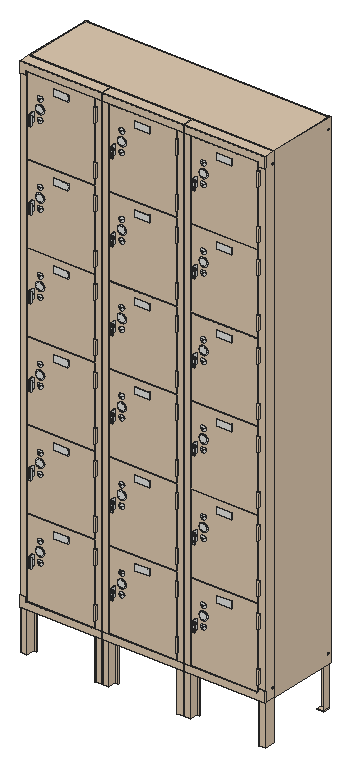
Revit family "Metal_Vented_Lockers-Salsbury_Industries-75000_76000_Series-3_Wide_Units", category Specialty Equipment, Revit 2022 (continued)
Definition of nested family "Metal Locker Sloping Hood"
  Automatic sketch dimensions
    curve 2 to plane 9 "Back of Panel" = 0.000"
    plane 11 to curve 2 = 0.000"
    curve 2 to plane 11 = 0.000"
    curve 2 to level = 0.0069"
Definition of nested family "Vents"
  Parameters (values of type "6 foot high vents")
    Vent Count for 6' high Lockers = 36
    Default Elevation = 0.000"
  Types (3): name | Vent Count for 6' high Lockers
    (no name) | 36
    6 foot high vents | 36
    5 foot high vents | 29
  Reference planes (in)
    plane 1 "Center (Front/Back)": y = 0
    plane 2: z = 0
    plane 3 "Center (Left/Right)": x = 0
  Lines and regions (in)
    model lines
      curve 1: spline (-0.12218, 0, 66.35929) -> (-0.10447, 0, 66.33016) -> (-0.08514, 0, 66.30573) -> (-0.06447, 0, 66.28637) -> (-0.04279, 0, 66.27239) -> (-0.02043, 0, 66.26399) -> (0.00227, 0, 66.26132) -> (0.02496, 0, 66.2644) -> (0.04728, 0, 66.27319) -> (0.0689, 0, 66.28755) -> (0.08949, 0, 66.30727) -> (0.10872, 0, 66.33205) -> (0.1263, 0, 66.36149)
      curve 2: line (-0.12218, 0, 66.35929) -> (-0.3738, 0, 67.01138)
      curve 3: line (0.1263, 0, 66.36149) -> (0.37669, 0, 67.01065)
      curve 4: spline (-0.12232, 0, 67.66311) -> (-0.1046, 0, 67.6924) -> (-0.08525, 0, 67.71698) -> (-0.06455, 0, 67.73644) -> (-0.04284, 0, 67.7505) -> (-0.02044, 0, 67.75894) -> (0.00229, 0, 67.76163) -> (0.02501, 0, 67.75853) -> (0.04737, 0, 67.74968) -> (0.06902, 0, 67.73522) -> (0.08963, 0, 67.71538) -> (0.10888, 0, 67.69045) -> (0.12647, 0, 67.66083)
      curve 5: line (-0.12232, 0, 67.66311) -> (-0.3738, 0, 67.01138)
      curve 6: line (0.12647, 0, 67.66083) -> (0.37669, 0, 67.01065)
      curve 7: spline (-0.12218, 0, 64.62229) -> (-0.10447, 0, 64.59316) -> (-0.08514, 0, 64.56873) -> (-0.06447, 0, 64.54937) -> (-0.04279, 0, 64.53539) -> (-0.02043, 0, 64.52699) -> (0.00227, 0, 64.52432) -> (0.02496, 0, 64.5274) -> (0.04728, 0, 64.53619) -> (0.0689, 0, 64.55055) -> (0.08949, 0, 64.57027) -> (0.10872, 0, 64.59505) -> (0.1263, 0, 64.62449)
      curve 8: line (-0.12218, 0, 64.62229) -> (-0.3738, 0, 65.27438)
      curve 9: line (0.1263, 0, 64.62449) -> (0.37669, 0, 65.27365)
      curve 10: spline (-0.12232, 0, 65.92611) -> (-0.1046, 0, 65.9554) -> (-0.08525, 0, 65.97998) -> (-0.06455, 0, 65.99944) -> (-0.04284, 0, 66.0135) -> (-0.02044, 0, 66.02194) -> (0.00229, 0, 66.02463) -> (0.02501, 0, 66.02153) -> (0.04737, 0, 66.01268) -> (0.06902, 0, 65.99822) -> (0.08963, 0, 65.97838) -> (0.10888, 0, 65.95345) -> (0.12647, 0, 65.92383)
      curve 11: line (-0.12232, 0, 65.92611) -> (-0.3738, 0, 65.27438)
      curve 12: line (0.12647, 0, 65.92383) -> (0.37669, 0, 65.27365)
      curve 13: spline (-0.12218, 0, 62.88529) -> (-0.10447, 0, 62.85616) -> (-0.08514, 0, 62.83173) -> (-0.06447, 0, 62.81237) -> (-0.04279, 0, 62.79839) -> (-0.02043, 0, 62.78999) -> (0.00227, 0, 62.78732) -> (0.02496, 0, 62.7904) -> (0.04728, 0, 62.79919) -> (0.0689, 0, 62.81355) -> (0.08949, 0, 62.83327) -> (0.10872, 0, 62.85805) -> (0.1263, 0, 62.88749)
      curve 14: line (-0.12218, 0, 62.88529) -> (-0.3738, 0, 63.53738)
      curve 15: line (0.1263, 0, 62.88749) -> (0.37669, 0, 63.53665)
      curve 16: spline (-0.12232, 0, 64.18911) -> (-0.1046, 0, 64.2184) -> (-0.08525, 0, 64.24298) -> (-0.06455, 0, 64.26244) -> (-0.04284, 0, 64.2765) -> (-0.02044, 0, 64.28494) -> (0.00229, 0, 64.28763) -> (0.02501, 0, 64.28453) -> (0.04737, 0, 64.27568) -> (0.06902, 0, 64.26122) -> (0.08963, 0, 64.24138) -> (0.10888, 0, 64.21645) -> (0.12647, 0, 64.18683)
      curve 17: line (-0.12232, 0, 64.18911) -> (-0.3738, 0, 63.53738)
      curve 18: line (0.12647, 0, 64.18683) -> (0.37669, 0, 63.53665)
      curve 19: spline (-0.12218, 0, 61.14829) -> (-0.10447, 0, 61.11916) -> (-0.08514, 0, 61.09473) -> (-0.06447, 0, 61.07537) -> (-0.04279, 0, 61.06139) -> (-0.02043, 0, 61.05299) -> (0.00227, 0, 61.05032) -> (0.02496, 0, 61.0534) -> (0.04728, 0, 61.06219) -> (0.0689, 0, 61.07655) -> (0.08949, 0, 61.09627) -> (0.10872, 0, 61.12105) -> (0.1263, 0, 61.15049)
      curve 20: line (-0.12218, 0, 61.14829) -> (-0.3738, 0, 61.80038)
      curve 21: line (0.1263, 0, 61.15049) -> (0.37669, 0, 61.79965)
      curve 22: spline (-0.12232, 0, 62.45211) -> (-0.1046, 0, 62.4814) -> (-0.08525, 0, 62.50598) -> (-0.06455, 0, 62.52544) -> (-0.04284, 0, 62.5395) -> (-0.02044, 0, 62.54794) -> (0.00229, 0, 62.55063) -> (0.02501, 0, 62.54753) -> (0.04737, 0, 62.53868) -> (0.06902, 0, 62.52422) -> (0.08963, 0, 62.50438) -> (0.10888, 0, 62.47945) -> (0.12647, 0, 62.44983)
      curve 23: line (-0.12232, 0, 62.45211) -> (-0.3738, 0, 61.80038)
      curve 24: line (0.12647, 0, 62.44983) -> (0.37669, 0, 61.79965)
      curve 25: spline (-0.12218, 0, 59.41129) -> (-0.10447, 0, 59.38216) -> (-0.08514, 0, 59.35773) -> (-0.06447, 0, 59.33837) -> (-0.04279, 0, 59.32439) -> (-0.02043, 0, 59.31599) -> (0.00227, 0, 59.31332) -> (0.02496, 0, 59.3164) -> (0.04728, 0, 59.32519) -> (0.0689, 0, 59.33955) -> (0.08949, 0, 59.35927) -> (0.10872, 0, 59.38405) -> (0.1263, 0, 59.41349)
      curve 26: line (-0.12218, 0, 59.41129) -> (-0.3738, 0, 60.06338)
      curve 27: line (0.1263, 0, 59.41349) -> (0.37669, 0, 60.06265)
      curve 28: spline (-0.12232, 0, 60.71511) -> (-0.1046, 0, 60.7444) -> (-0.08525, 0, 60.76898) -> (-0.06455, 0, 60.78844) -> (-0.04284, 0, 60.8025) -> (-0.02044, 0, 60.81094) -> (0.00229, 0, 60.81363) -> (0.02501, 0, 60.81053) -> (0.04737, 0, 60.80168) -> (0.06902, 0, 60.78722) -> (0.08963, 0, 60.76738) -> (0.10888, 0, 60.74245) -> (0.12647, 0, 60.71283)
      curve 29: line (-0.12232, 0, 60.71511) -> (-0.3738, 0, 60.06338)
      curve 30: line (0.12647, 0, 60.71283) -> (0.37669, 0, 60.06265)
      curve 31: spline (-0.12218, 0, 57.67429) -> (-0.10447, 0, 57.64516) -> (-0.08514, 0, 57.62073) -> (-0.06447, 0, 57.60137) -> (-0.04279, 0, 57.58739) -> (-0.02043, 0, 57.57899) -> (0.00227, 0, 57.57632) -> (0.02496, 0, 57.5794) -> (0.04728, 0, 57.58819) -> (0.0689, 0, 57.60255) -> (0.08949, 0, 57.62227) -> (0.10872, 0, 57.64705) -> (0.1263, 0, 57.67649)
      curve 32: line (-0.12218, 0, 57.67429) -> (-0.3738, 0, 58.32638)
      curve 33: line (0.1263, 0, 57.67649) -> (0.37669, 0, 58.32565)
      curve 34: spline (-0.12232, 0, 58.97811) -> (-0.1046, 0, 59.0074) -> (-0.08525, 0, 59.03198) -> (-0.06455, 0, 59.05144) -> (-0.04284, 0, 59.0655) -> (-0.02044, 0, 59.07394) -> (0.00229, 0, 59.07663) -> (0.02501, 0, 59.07353) -> (0.04737, 0, 59.06468) -> (0.06902, 0, 59.05022) -> (0.08963, 0, 59.03038) -> (0.10888, 0, 59.00545) -> (0.12647, 0, 58.97583)
      curve 35: line (-0.12232, 0, 58.97811) -> (-0.3738, 0, 58.32638)
      curve 36: line (0.12647, 0, 58.97583) -> (0.37669, 0, 58.32565)
      curve 37: spline (-0.12218, 0, 55.93729) -> (-0.10447, 0, 55.90816) -> (-0.08514, 0, 55.88373) -> (-0.06447, 0, 55.86437) -> (-0.04279, 0, 55.85039) -> (-0.02043, 0, 55.84199) -> (0.00227, 0, 55.83932) -> (0.02496, 0, 55.8424) -> (0.04728, 0, 55.85119) -> (0.0689, 0, 55.86555) -> (0.08949, 0, 55.88527) -> (0.10872, 0, 55.91005) -> (0.1263, 0, 55.93949)
      curve 38: line (-0.12218, 0, 55.93729) -> (-0.3738, 0, 56.58938)
      curve 39: line (0.1263, 0, 55.93949) -> (0.37669, 0, 56.58865)
      curve 40: spline (-0.12232, 0, 57.24111) -> (-0.1046, 0, 57.2704) -> (-0.08525, 0, 57.29498) -> (-0.06455, 0, 57.31444) -> (-0.04284, 0, 57.3285) -> (-0.02044, 0, 57.33694) -> (0.00229, 0, 57.33963) -> (0.02501, 0, 57.33653) -> (0.04737, 0, 57.32768) -> (0.06902, 0, 57.31322) -> (0.08963, 0, 57.29338) -> (0.10888, 0, 57.26845) -> (0.12647, 0, 57.23883)
      curve 41: line (-0.12232, 0, 57.24111) -> (-0.3738, 0, 56.58938)
      curve 42: line (0.12647, 0, 57.23883) -> (0.37669, 0, 56.58865)
      curve 43: spline (-0.12218, 0, 54.20029) -> (-0.10447, 0, 54.17116) -> (-0.08514, 0, 54.14673) -> (-0.06447, 0, 54.12737) -> (-0.04279, 0, 54.11339) -> (-0.02043, 0, 54.10499) -> (0.00227, 0, 54.10232) -> (0.02496, 0, 54.1054) -> (0.04728, 0, 54.11419) -> (0.0689, 0, 54.12855) -> (0.08949, 0, 54.14827) -> (0.10872, 0, 54.17305) -> (0.1263, 0, 54.20249)
      curve 44: line (-0.12218, 0, 54.20029) -> (-0.3738, 0, 54.85238)
      curve 45: line (0.1263, 0, 54.20249) -> (0.37669, 0, 54.85165)
      curve 46: spline (-0.12232, 0, 55.50411) -> (-0.1046, 0, 55.5334) -> (-0.08525, 0, 55.55798) -> (-0.06455, 0, 55.57744) -> (-0.04284, 0, 55.5915) -> (-0.02044, 0, 55.59994) -> (0.00229, 0, 55.60263) -> (0.02501, 0, 55.59953) -> (0.04737, 0, 55.59068) -> (0.06902, 0, 55.57622) -> (0.08963, 0, 55.55638) -> (0.10888, 0, 55.53145) -> (0.12647, 0, 55.50183)
      curve 47: line (-0.12232, 0, 55.50411) -> (-0.3738, 0, 54.85238)
      curve 48: line (0.12647, 0, 55.50183) -> (0.37669, 0, 54.85165)
      curve 49: spline (-0.12218, 0, 52.46329) -> (-0.10447, 0, 52.43416) -> (-0.08514, 0, 52.40973) -> (-0.06447, 0, 52.39037) -> (-0.04279, 0, 52.37639) -> (-0.02043, 0, 52.36799) -> (0.00227, 0, 52.36532) -> (0.02496, 0, 52.3684) -> (0.04728, 0, 52.37719) -> (0.0689, 0, 52.39155) -> (0.08949, 0, 52.41127) -> (0.10872, 0, 52.43605) -> (0.1263, 0, 52.46549)
      curve 50: line (-0.12218, 0, 52.46329) -> (-0.3738, 0, 53.11538)
      curve 51: line (0.1263, 0, 52.46549) -> (0.37669, 0, 53.11465)
      curve 52: spline (-0.12232, 0, 53.76711) -> (-0.1046, 0, 53.7964) -> (-0.08525, 0, 53.82098) -> (-0.06455, 0, 53.84044) -> (-0.04284, 0, 53.8545) -> (-0.02044, 0, 53.86294) -> (0.00229, 0, 53.86563) -> (0.02501, 0, 53.86253) -> (0.04737, 0, 53.85368) -> (0.06902, 0, 53.83922) -> (0.08963, 0, 53.81938) -> (0.10888, 0, 53.79445) -> (0.12647, 0, 53.76483)
      curve 53: line (-0.12232, 0, 53.76711) -> (-0.3738, 0, 53.11538)
      curve 54: line (0.12647, 0, 53.76483) -> (0.37669, 0, 53.11465)
      curve 55: spline (-0.12218, 0, 50.72629) -> (-0.10447, 0, 50.69716) -> (-0.08514, 0, 50.67273) -> (-0.06447, 0, 50.65337) -> (-0.04279, 0, 50.63939) -> (-0.02043, 0, 50.63099) -> (0.00227, 0, 50.62832) -> (0.02496, 0, 50.6314) -> (0.04728, 0, 50.64019) -> (0.0689, 0, 50.65455) -> (0.08949, 0, 50.67427) -> (0.10872, 0, 50.69905) -> (0.1263, 0, 50.72849)
      curve 56: line (-0.12218, 0, 50.72629) -> (-0.3738, 0, 51.37838)
      curve 57: line (0.1263, 0, 50.72849) -> (0.37669, 0, 51.37765)
      curve 58: spline (-0.12232, 0, 52.03011) -> (-0.1046, 0, 52.0594) -> (-0.08525, 0, 52.08398) -> (-0.06455, 0, 52.10344) -> (-0.04284, 0, 52.1175) -> (-0.02044, 0, 52.12594) -> (0.00229, 0, 52.12863) -> (0.02501, 0, 52.12553) -> (0.04737, 0, 52.11668) -> (0.06902, 0, 52.10222) -> (0.08963, 0, 52.08238) -> (0.10888, 0, 52.05745) -> (0.12647, 0, 52.02783)
      curve 59: line (-0.12232, 0, 52.03011) -> (-0.3738, 0, 51.37838)
      curve 60: line (0.12647, 0, 52.02783) -> (0.37669, 0, 51.37765)
      curve 61: spline (-0.12218, 0, 48.98929) -> (-0.10447, 0, 48.96016) -> (-0.08514, 0, 48.93573) -> (-0.06447, 0, 48.91637) -> (-0.04279, 0, 48.90239) -> (-0.02043, 0, 48.89399) -> (0.00227, 0, 48.89132) -> (0.02496, 0, 48.8944) -> (0.04728, 0, 48.90319) -> (0.0689, 0, 48.91755) -> (0.08949, 0, 48.93727) -> (0.10872, 0, 48.96205) -> (0.1263, 0, 48.99149)
      curve 62: line (-0.12218, 0, 48.98929) -> (-0.3738, 0, 49.64138)
      curve 63: line (0.1263, 0, 48.99149) -> (0.37669, 0, 49.64065)
      curve 64: spline (-0.12232, 0, 50.29311) -> (-0.1046, 0, 50.3224) -> (-0.08525, 0, 50.34698) -> (-0.06455, 0, 50.36644) -> (-0.04284, 0, 50.3805) -> (-0.02044, 0, 50.38894) -> (0.00229, 0, 50.39163) -> (0.02501, 0, 50.38853) -> (0.04737, 0, 50.37968) -> (0.06902, 0, 50.36522) -> (0.08963, 0, 50.34538) -> (0.10888, 0, 50.32045) -> (0.12647, 0, 50.29083)
      curve 65: line (-0.12232, 0, 50.29311) -> (-0.3738, 0, 49.64138)
      curve 66: line (0.12647, 0, 50.29083) -> (0.37669, 0, 49.64065)
      curve 67: spline (-0.12218, 0, 47.25229) -> (-0.10447, 0, 47.22316) -> (-0.08514, 0, 47.19873) -> (-0.06447, 0, 47.17937) -> (-0.04279, 0, 47.16539) -> (-0.02043, 0, 47.15699) -> (0.00227, 0, 47.15432) -> (0.02496, 0, 47.1574) -> (0.04728, 0, 47.16619) -> (0.0689, 0, 47.18055) -> (0.08949, 0, 47.20027) -> (0.10872, 0, 47.22505) -> (0.1263, 0, 47.25449)
      curve 68: line (-0.12218, 0, 47.25229) -> (-0.3738, 0, 47.90438)
      curve 69: line (0.1263, 0, 47.25449) -> (0.37669, 0, 47.90365)
      curve 70: spline (-0.12232, 0, 48.55611) -> (-0.1046, 0, 48.5854) -> (-0.08525, 0, 48.60998) -> (-0.06455, 0, 48.62944) -> (-0.04284, 0, 48.6435) -> (-0.02044, 0, 48.65194) -> (0.00229, 0, 48.65463) -> (0.02501, 0, 48.65153) -> (0.04737, 0, 48.64268) -> (0.06902, 0, 48.62822) -> (0.08963, 0, 48.60838) -> (0.10888, 0, 48.58345) -> (0.12647, 0, 48.55383)
      curve 71: line (-0.12232, 0, 48.55611) -> (-0.3738, 0, 47.90438)
      curve 72: line (0.12647, 0, 48.55383) -> (0.37669, 0, 47.90365)
      curve 73: spline (-0.12218, 0, 45.51529) -> (-0.10447, 0, 45.48616) -> (-0.08514, 0, 45.46173) -> (-0.06447, 0, 45.44237) -> (-0.04279, 0, 45.42839) -> (-0.02043, 0, 45.41999) -> (0.00227, 0, 45.41732) -> (0.02496, 0, 45.4204) -> (0.04728, 0, 45.42919) -> (0.0689, 0, 45.44355) -> (0.08949, 0, 45.46327) -> (0.10872, 0, 45.48805) -> (0.1263, 0, 45.51749)
      curve 74: line (-0.12218, 0, 45.51529) -> (-0.3738, 0, 46.16738)
      curve 75: line (0.1263, 0, 45.51749) -> (0.37669, 0, 46.16665)
      curve 76: spline (-0.12232, 0, 46.81911) -> (-0.1046, 0, 46.8484) -> (-0.08525, 0, 46.87298) -> (-0.06455, 0, 46.89244) -> (-0.04284, 0, 46.9065) -> (-0.02044, 0, 46.91494) -> (0.00229, 0, 46.91763) -> (0.02501, 0, 46.91453) -> (0.04737, 0, 46.90568) -> (0.06902, 0, 46.89122) -> (0.08963, 0, 46.87138) -> (0.10888, 0, 46.84645) -> (0.12647, 0, 46.81683)
      curve 77: line (-0.12232, 0, 46.81911) -> (-0.3738, 0, 46.16738)
      curve 78: line (0.12647, 0, 46.81683) -> (0.37669, 0, 46.16665)
      curve 79: spline (-0.12218, 0, 43.77829) -> (-0.10447, 0, 43.74916) -> (-0.08514, 0, 43.72473) -> (-0.06447, 0, 43.70537) -> (-0.04279, 0, 43.69139) -> (-0.02043, 0, 43.68299) -> (0.00227, 0, 43.68032) -> (0.02496, 0, 43.6834) -> (0.04728, 0, 43.69219) -> (0.0689, 0, 43.70655) -> (0.08949, 0, 43.72627) -> (0.10872, 0, 43.75105) -> (0.1263, 0, 43.78049)
      curve 80: line (-0.12218, 0, 43.77829) -> (-0.3738, 0, 44.43038)
      curve 81: line (0.1263, 0, 43.78049) -> (0.37669, 0, 44.42965)
      curve 82: spline (-0.12232, 0, 45.08211) -> (-0.1046, 0, 45.1114) -> (-0.08525, 0, 45.13598) -> (-0.06455, 0, 45.15544) -> (-0.04284, 0, 45.1695) -> (-0.02044, 0, 45.17794) -> (0.00229, 0, 45.18063) -> (0.02501, 0, 45.17753) -> (0.04737, 0, 45.16868) -> (0.06902, 0, 45.15422) -> (0.08963, 0, 45.13438) -> (0.10888, 0, 45.10945) -> (0.12647, 0, 45.07983)
      curve 83: line (-0.12232, 0, 45.08211) -> (-0.3738, 0, 44.43038)
      curve 84: line (0.12647, 0, 45.07983) -> (0.37669, 0, 44.42965)
      curve 85: spline (-0.12218, 0, 42.04129) -> (-0.10447, 0, 42.01216) -> (-0.08514, 0, 41.98773) -> (-0.06447, 0, 41.96837) -> (-0.04279, 0, 41.95439) -> (-0.02043, 0, 41.94599) -> (0.00227, 0, 41.94332) -> (0.02496, 0, 41.9464) -> (0.04728, 0, 41.95519) -> (0.0689, 0, 41.96955) -> (0.08949, 0, 41.98927) -> (0.10872, 0, 42.01405) -> (0.1263, 0, 42.04349)
      curve 86: line (-0.12218, 0, 42.04129) -> (-0.3738, 0, 42.69338)
      curve 87: line (0.1263, 0, 42.04349) -> (0.37669, 0, 42.69265)
      curve 88: spline (-0.12232, 0, 43.34511) -> (-0.1046, 0, 43.3744) -> (-0.08525, 0, 43.39898) -> (-0.06455, 0, 43.41844) -> (-0.04284, 0, 43.4325) -> (-0.02044, 0, 43.44094) -> (0.00229, 0, 43.44363) -> (0.02501, 0, 43.44053) -> (0.04737, 0, 43.43168) -> (0.06902, 0, 43.41722) -> (0.08963, 0, 43.39738) -> (0.10888, 0, 43.37245) -> (0.12647, 0, 43.34283)
      curve 89: line (-0.12232, 0, 43.34511) -> (-0.3738, 0, 42.69338)
      curve 90: line (0.12647, 0, 43.34283) -> (0.37669, 0, 42.69265)
      curve 91: spline (-0.12218, 0, 40.30429) -> (-0.10447, 0, 40.27516) -> (-0.08514, 0, 40.25073) -> (-0.06447, 0, 40.23137) -> (-0.04279, 0, 40.21739) -> (-0.02043, 0, 40.20899) -> (0.00227, 0, 40.20632) -> (0.02496, 0, 40.2094) -> (0.04728, 0, 40.21819) -> (0.0689, 0, 40.23255) -> (0.08949, 0, 40.25227) -> (0.10872, 0, 40.27705) -> (0.1263, 0, 40.30649)
      curve 92: line (-0.12218, 0, 40.30429) -> (-0.3738, 0, 40.95638)
      curve 93: line (0.1263, 0, 40.30649) -> (0.37669, 0, 40.95565)
      curve 94: spline (-0.12232, 0, 41.60811) -> (-0.1046, 0, 41.6374) -> (-0.08525, 0, 41.66198) -> (-0.06455, 0, 41.68144) -> (-0.04284, 0, 41.6955) -> (-0.02044, 0, 41.70394) -> (0.00229, 0, 41.70663) -> (0.02501, 0, 41.70353) -> (0.04737, 0, 41.69468) -> (0.06902, 0, 41.68022) -> (0.08963, 0, 41.66038) -> (0.10888, 0, 41.63545) -> (0.12647, 0, 41.60583)
      curve 95: line (-0.12232, 0, 41.60811) -> (-0.3738, 0, 40.95638)
      curve 96: line (0.12647, 0, 41.60583) -> (0.37669, 0, 40.95565)
      curve 97: spline (-0.12218, 0, 38.56729) -> (-0.10447, 0, 38.53816) -> (-0.08514, 0, 38.51373) -> (-0.06447, 0, 38.49437) -> (-0.04279, 0, 38.48039) -> (-0.02043, 0, 38.47199) -> (0.00227, 0, 38.46932) -> (0.02496, 0, 38.4724) -> (0.04728, 0, 38.48119) -> (0.0689, 0, 38.49555) -> (0.08949, 0, 38.51527) -> (0.10872, 0, 38.54005) -> (0.1263, 0, 38.56949)
      curve 98: line (-0.12218, 0, 38.56729) -> (-0.3738, 0, 39.21938)
      curve 99: line (0.1263, 0, 38.56949) -> (0.37669, 0, 39.21865)
      curve 100: spline (-0.12232, 0, 39.87111) -> (-0.1046, 0, 39.9004) -> (-0.08525, 0, 39.92498) -> (-0.06455, 0, 39.94444) -> (-0.04284, 0, 39.9585) -> (-0.02044, 0, 39.96694) -> (0.00229, 0, 39.96963) -> (0.02501, 0, 39.96653) -> (0.04737, 0, 39.95768) -> (0.06902, 0, 39.94322) -> (0.08963, 0, 39.92338) -> (0.10888, 0, 39.89845) -> (0.12647, 0, 39.86883)
      curve 101: line (-0.12232, 0, 39.87111) -> (-0.3738, 0, 39.21938)
      curve 102: line (0.12647, 0, 39.86883) -> (0.37669, 0, 39.21865)
      curve 103: spline (-0.12218, 0, 36.83029) -> (-0.10447, 0, 36.80116) -> (-0.08514, 0, 36.77673) -> (-0.06447, 0, 36.75737) -> (-0.04279, 0, 36.74339) -> (-0.02043, 0, 36.73499) -> (0.00227, 0, 36.73232) -> (0.02496, 0, 36.7354) -> (0.04728, 0, 36.74419) -> (0.0689, 0, 36.75855) -> (0.08949, 0, 36.77827) -> (0.10872, 0, 36.80305) -> (0.1263, 0, 36.83249)
      curve 104: line (-0.12218, 0, 36.83029) -> (-0.3738, 0, 37.48238)
      curve 105: line (0.1263, 0, 36.83249) -> (0.37669, 0, 37.48165)
      curve 106: spline (-0.12232, 0, 38.13411) -> (-0.1046, 0, 38.1634) -> (-0.08525, 0, 38.18798) -> (-0.06455, 0, 38.20744) -> (-0.04284, 0, 38.2215) -> (-0.02044, 0, 38.22994) -> (0.00229, 0, 38.23263) -> (0.02501, 0, 38.22953) -> (0.04737, 0, 38.22068) -> (0.06902, 0, 38.20622) -> (0.08963, 0, 38.18638) -> (0.10888, 0, 38.16145) -> (0.12647, 0, 38.13183)
      curve 107: line (-0.12232, 0, 38.13411) -> (-0.3738, 0, 37.48238)
      curve 108: line (0.12647, 0, 38.13183) -> (0.37669, 0, 37.48165)
      curve 109: spline (-0.12218, 0, 35.09329) -> (-0.10447, 0, 35.06416) -> (-0.08514, 0, 35.03973) -> (-0.06447, 0, 35.02037) -> (-0.04279, 0, 35.00639) -> (-0.02043, 0, 34.99799) -> (0.00227, 0, 34.99532) -> (0.02496, 0, 34.9984) -> (0.04728, 0, 35.00719) -> (0.0689, 0, 35.02155) -> (0.08949, 0, 35.04127) -> (0.10872, 0, 35.06605) -> (0.1263, 0, 35.09549)
      curve 110: line (-0.12218, 0, 35.09329) -> (-0.3738, 0, 35.74538)
      curve 111: line (0.1263, 0, 35.09549) -> (0.37669, 0, 35.74465)
      curve 112: spline (-0.12232, 0, 36.39711) -> (-0.1046, 0, 36.4264) -> (-0.08525, 0, 36.45098) -> (-0.06455, 0, 36.47044) -> (-0.04284, 0, 36.4845) -> (-0.02044, 0, 36.49294) -> (0.00229, 0, 36.49563) -> (0.02501, 0, 36.49253) -> (0.04737, 0, 36.48368) -> (0.06902, 0, 36.46922) -> (0.08963, 0, 36.44938) -> (0.10888, 0, 36.42445) -> (0.12647, 0, 36.39483)
      curve 113: line (-0.12232, 0, 36.39711) -> (-0.3738, 0, 35.74538)
      curve 114: line (0.12647, 0, 36.39483) -> (0.37669, 0, 35.74465)
      curve 115: spline (-0.12218, 0, 33.35629) -> (-0.10447, 0, 33.32716) -> (-0.08514, 0, 33.30273) -> (-0.06447, 0, 33.28337) -> (-0.04279, 0, 33.26939) -> (-0.02043, 0, 33.26099) -> (0.00227, 0, 33.25832) -> (0.02496, 0, 33.2614) -> (0.04728, 0, 33.27019) -> (0.0689, 0, 33.28455) -> (0.08949, 0, 33.30427) -> (0.10872, 0, 33.32905) -> (0.1263, 0, 33.35849)
      curve 116: line (-0.12218, 0, 33.35629) -> (-0.3738, 0, 34.00838)
      curve 117: line (0.1263, 0, 33.35849) -> (0.37669, 0, 34.00765)
      curve 118: spline (-0.12232, 0, 34.66011) -> (-0.1046, 0, 34.6894) -> (-0.08525, 0, 34.71398) -> (-0.06455, 0, 34.73344) -> (-0.04284, 0, 34.7475) -> (-0.02044, 0, 34.75594) -> (0.00229, 0, 34.75863) -> (0.02501, 0, 34.75553) -> (0.04737, 0, 34.74668) -> (0.06902, 0, 34.73222) -> (0.08963, 0, 34.71238) -> (0.10888, 0, 34.68745) -> (0.12647, 0, 34.65783)
      curve 119: line (-0.12232, 0, 34.66011) -> (-0.3738, 0, 34.00838)
      curve 120: line (0.12647, 0, 34.65783) -> (0.37669, 0, 34.00765)
      curve 121: spline (-0.12218, 0, 31.61929) -> (-0.10447, 0, 31.59016) -> (-0.08514, 0, 31.56573) -> (-0.06447, 0, 31.54637) -> (-0.04279, 0, 31.53239) -> (-0.02043, 0, 31.52399) -> (0.00227, 0, 31.52132) -> (0.02496, 0, 31.5244) -> (0.04728, 0, 31.53319) -> (0.0689, 0, 31.54755) -> (0.08949, 0, 31.56727) -> (0.10872, 0, 31.59205) -> (0.1263, 0, 31.62149)
      curve 122: line (-0.12218, 0, 31.61929) -> (-0.3738, 0, 32.27138)
      curve 123: line (0.1263, 0, 31.62149) -> (0.37669, 0, 32.27065)
      curve 124: spline (-0.12232, 0, 32.92311) -> (-0.1046, 0, 32.9524) -> (-0.08525, 0, 32.97698) -> (-0.06455, 0, 32.99644) -> (-0.04284, 0, 33.0105) -> (-0.02044, 0, 33.01894) -> (0.00229, 0, 33.02163) -> (0.02501, 0, 33.01853) -> (0.04737, 0, 33.00968) -> (0.06902, 0, 32.99522) -> (0.08963, 0, 32.97538) -> (0.10888, 0, 32.95045) -> (0.12647, 0, 32.92083)
      curve 125: line (-0.12232, 0, 32.92311) -> (-0.3738, 0, 32.27138)
      curve 126: line (0.12647, 0, 32.92083) -> (0.37669, 0, 32.27065)
      curve 127: spline (-0.12218, 0, 29.88229) -> (-0.10447, 0, 29.85316) -> (-0.08514, 0, 29.82873) -> (-0.06447, 0, 29.80937) -> (-0.04279, 0, 29.79539) -> (-0.02043, 0, 29.78699) -> (0.00227, 0, 29.78432) -> (0.02496, 0, 29.7874) -> (0.04728, 0, 29.79619) -> (0.0689, 0, 29.81055) -> (0.08949, 0, 29.83027) -> (0.10872, 0, 29.85505) -> (0.1263, 0, 29.88449)
      curve 128: line (-0.12218, 0, 29.88229) -> (-0.3738, 0, 30.53438)
      curve 129: line (0.1263, 0, 29.88449) -> (0.37669, 0, 30.53365)
      curve 130: spline (-0.12232, 0, 31.18611) -> (-0.1046, 0, 31.2154) -> (-0.08525, 0, 31.23998) -> (-0.06455, 0, 31.25944) -> (-0.04284, 0, 31.2735) -> (-0.02044, 0, 31.28194) -> (0.00229, 0, 31.28463) -> (0.02501, 0, 31.28153) -> (0.04737, 0, 31.27268) -> (0.06902, 0, 31.25822) -> (0.08963, 0, 31.23838) -> (0.10888, 0, 31.21345) -> (0.12647, 0, 31.18383)
      curve 131: line (-0.12232, 0, 31.18611) -> (-0.3738, 0, 30.53438)
      curve 132: line (0.12647, 0, 31.18383) -> (0.37669, 0, 30.53365)
      curve 133: spline (-0.12218, 0, 28.14529) -> (-0.10447, 0, 28.11616) -> (-0.08514, 0, 28.09173) -> (-0.06447, 0, 28.07237) -> (-0.04279, 0, 28.05839) -> (-0.02043, 0, 28.04999) -> (0.00227, 0, 28.04732) -> (0.02496, 0, 28.0504) -> (0.04728, 0, 28.05919) -> (0.0689, 0, 28.07355) -> (0.08949, 0, 28.09327) -> (0.10872, 0, 28.11805) -> (0.1263, 0, 28.14749)
      curve 134: line (-0.12218, 0, 28.14529) -> (-0.3738, 0, 28.79738)
      curve 135: line (0.1263, 0, 28.14749) -> (0.37669, 0, 28.79665)
      curve 136: spline (-0.12232, 0, 29.44911) -> (-0.1046, 0, 29.4784) -> (-0.08525, 0, 29.50298) -> (-0.06455, 0, 29.52244) -> (-0.04284, 0, 29.5365) -> (-0.02044, 0, 29.54494) -> (0.00229, 0, 29.54763) -> (0.02501, 0, 29.54453) -> (0.04737, 0, 29.53568) -> (0.06902, 0, 29.52122) -> (0.08963, 0, 29.50138) -> (0.10888, 0, 29.47645) -> (0.12647, 0, 29.44683)
      curve 137: line (-0.12232, 0, 29.44911) -> (-0.3738, 0, 28.79738)
      curve 138: line (0.12647, 0, 29.44683) -> (0.37669, 0, 28.79665)
      curve 139: spline (-0.12218, 0, 26.40829) -> (-0.10447, 0, 26.37916) -> (-0.08514, 0, 26.35473) -> (-0.06447, 0, 26.33537) -> (-0.04279, 0, 26.32139) -> (-0.02043, 0, 26.31299) -> (0.00227, 0, 26.31032) -> (0.02496, 0, 26.3134) -> (0.04728, 0, 26.32219) -> (0.0689, 0, 26.33655) -> (0.08949, 0, 26.35627) -> (0.10872, 0, 26.38105) -> (0.1263, 0, 26.41049)
      curve 140: line (-0.12218, 0, 26.40829) -> (-0.3738, 0, 27.06038)
      curve 141: line (0.1263, 0, 26.41049) -> (0.37669, 0, 27.05965)
      curve 142: spline (-0.12232, 0, 27.71211) -> (-0.1046, 0, 27.7414) -> (-0.08525, 0, 27.76598) -> (-0.06455, 0, 27.78544) -> (-0.04284, 0, 27.7995) -> (-0.02044, 0, 27.80794) -> (0.00229, 0, 27.81063) -> (0.02501, 0, 27.80753) -> (0.04737, 0, 27.79868) -> (0.06902, 0, 27.78422) -> (0.08963, 0, 27.76438) -> (0.10888, 0, 27.73945) -> (0.12647, 0, 27.70983)
      curve 143: line (-0.12232, 0, 27.71211) -> (-0.3738, 0, 27.06038)
      curve 144: line (0.12647, 0, 27.70983) -> (0.37669, 0, 27.05965)
      curve 145: spline (-0.12218, 0, 24.67129) -> (-0.10447, 0, 24.64216) -> (-0.08514, 0, 24.61773) -> (-0.06447, 0, 24.59837) -> (-0.04279, 0, 24.58439) -> (-0.02043, 0, 24.57599) -> (0.00227, 0, 24.57332) -> (0.02496, 0, 24.5764) -> (0.04728, 0, 24.58519) -> (0.0689, 0, 24.59955) -> (0.08949, 0, 24.61927) -> (0.10872, 0, 24.64405) -> (0.1263, 0, 24.67349)
      curve 146: line (-0.12218, 0, 24.67129) -> (-0.3738, 0, 25.32338)
      curve 147: line (0.1263, 0, 24.67349) -> (0.37669, 0, 25.32265)
      curve 148: spline (-0.12232, 0, 25.97511) -> (-0.1046, 0, 26.0044) -> (-0.08525, 0, 26.02898) -> (-0.06455, 0, 26.04844) -> (-0.04284, 0, 26.0625) -> (-0.02044, 0, 26.07094) -> (0.00229, 0, 26.07363) -> (0.02501, 0, 26.07053) -> (0.04737, 0, 26.06168) -> (0.06902, 0, 26.04722) -> (0.08963, 0, 26.02738) -> (0.10888, 0, 26.00245) -> (0.12647, 0, 25.97283)
      curve 149: line (-0.12232, 0, 25.97511) -> (-0.3738, 0, 25.32338)
      curve 150: line (0.12647, 0, 25.97283) -> (0.37669, 0, 25.32265)
      curve 151: spline (-0.12218, 0, 22.93429) -> (-0.10447, 0, 22.90516) -> (-0.08514, 0, 22.88073) -> (-0.06447, 0, 22.86137) -> (-0.04279, 0, 22.84739) -> (-0.02043, 0, 22.83899) -> (0.00227, 0, 22.83632) -> (0.02496, 0, 22.8394) -> (0.04728, 0, 22.84819) -> (0.0689, 0, 22.86255) -> (0.08949, 0, 22.88227) -> (0.10872, 0, 22.90705) -> (0.1263, 0, 22.93649)
      curve 152: line (-0.12218, 0, 22.93429) -> (-0.3738, 0, 23.58638)
      curve 153: line (0.1263, 0, 22.93649) -> (0.37669, 0, 23.58565)
      curve 154: spline (-0.12232, 0, 24.23811) -> (-0.1046, 0, 24.2674) -> (-0.08525, 0, 24.29198) -> (-0.06455, 0, 24.31144) -> (-0.04284, 0, 24.3255) -> (-0.02044, 0, 24.33394) -> (0.00229, 0, 24.33663) -> (0.02501, 0, 24.33353) -> (0.04737, 0, 24.32468) -> (0.06902, 0, 24.31022) -> (0.08963, 0, 24.29038) -> (0.10888, 0, 24.26545) -> (0.12647, 0, 24.23583)
      curve 155: line (-0.12232, 0, 24.23811) -> (-0.3738, 0, 23.58638)
      curve 156: line (0.12647, 0, 24.23583) -> (0.37669, 0, 23.58565)
      curve 157: spline (-0.12218, 0, 21.19729) -> (-0.10447, 0, 21.16816) -> (-0.08514, 0, 21.14373) -> (-0.06447, 0, 21.12437) -> (-0.04279, 0, 21.11039) -> (-0.02043, 0, 21.10199) -> (0.00227, 0, 21.09932) -> (0.02496, 0, 21.1024) -> (0.04728, 0, 21.11119) -> (0.0689, 0, 21.12555) -> (0.08949, 0, 21.14527) -> (0.10872, 0, 21.17005) -> (0.1263, 0, 21.19949)
      curve 158: line (-0.12218, 0, 21.19729) -> (-0.3738, 0, 21.84938)
      curve 159: line (0.1263, 0, 21.19949) -> (0.37669, 0, 21.84865)
      curve 160: spline (-0.12232, 0, 22.50111) -> (-0.1046, 0, 22.5304) -> (-0.08525, 0, 22.55498) -> (-0.06455, 0, 22.57444) -> (-0.04284, 0, 22.5885) -> (-0.02044, 0, 22.59694) -> (0.00229, 0, 22.59963) -> (0.02501, 0, 22.59653) -> (0.04737, 0, 22.58768) -> (0.06902, 0, 22.57322) -> (0.08963, 0, 22.55338) -> (0.10888, 0, 22.52845) -> (0.12647, 0, 22.49883)
      curve 161: line (-0.12232, 0, 22.50111) -> (-0.3738, 0, 21.84938)
      curve 162: line (0.12647, 0, 22.49883) -> (0.37669, 0, 21.84865)
      curve 163: spline (-0.12218, 0, 19.46029) -> (-0.10447, 0, 19.43116) -> (-0.08514, 0, 19.40673) -> (-0.06447, 0, 19.38737) -> (-0.04279, 0, 19.37339) -> (-0.02043, 0, 19.36499) -> (0.00227, 0, 19.36232) -> (0.02496, 0, 19.3654) -> (0.04728, 0, 19.37419) -> (0.0689, 0, 19.38855) -> (0.08949, 0, 19.40827) -> (0.10872, 0, 19.43305) -> (0.1263, 0, 19.46249)
      curve 164: line (-0.12218, 0, 19.46029) -> (-0.3738, 0, 20.11238)
      curve 165: line (0.1263, 0, 19.46249) -> (0.37669, 0, 20.11165)
      curve 166: spline (-0.12232, 0, 20.76411) -> (-0.1046, 0, 20.7934) -> (-0.08525, 0, 20.81798) -> (-0.06455, 0, 20.83744) -> (-0.04284, 0, 20.8515) -> (-0.02044, 0, 20.85994) -> (0.00229, 0, 20.86263) -> (0.02501, 0, 20.85953) -> (0.04737, 0, 20.85068) -> (0.06902, 0, 20.83622) -> (0.08963, 0, 20.81638) -> (0.10888, 0, 20.79145) -> (0.12647, 0, 20.76183)
      curve 167: line (-0.12232, 0, 20.76411) -> (-0.3738, 0, 20.11238)
      curve 168: line (0.12647, 0, 20.76183) -> (0.37669, 0, 20.11165)
      curve 197: spline (-0.12218, 0, 17.72329) -> (-0.10447, 0, 17.69416) -> (-0.08514, 0, 17.66973) -> (-0.06447, 0, 17.65037) -> (-0.04279, 0, 17.63639) -> (-0.02043, 0, 17.62799) -> (0.00227, 0, 17.62532) -> (0.02496, 0, 17.6284) -> (0.04728, 0, 17.63719) -> (0.0689, 0, 17.65155) -> (0.08949, 0, 17.67127) -> (0.10872, 0, 17.69605) -> (0.1263, 0, 17.72549)
      curve 198: line (-0.12218, 0, 17.72329) -> (-0.3738, 0, 18.37538)
      curve 199: line (0.1263, 0, 17.72549) -> (0.37669, 0, 18.37465)
      curve 200: spline (-0.12232, 0, 19.02711) -> (-0.1046, 0, 19.0564) -> (-0.08525, 0, 19.08098) -> (-0.06455, 0, 19.10044) -> (-0.04284, 0, 19.1145) -> (-0.02044, 0, 19.12294) -> (0.00229, 0, 19.12563) -> (0.02501, 0, 19.12253) -> (0.04737, 0, 19.11368) -> (0.06902, 0, 19.09922) -> (0.08963, 0, 19.07938) -> (0.10888, 0, 19.05445) -> (0.12647, 0, 19.02483)
      curve 201: line (-0.12232, 0, 19.02711) -> (-0.3738, 0, 18.37538)
      curve 202: line (0.12647, 0, 19.02483) -> (0.37669, 0, 18.37465)
      curve 204: spline (-0.12218, 0, 15.98629) -> (-0.10447, 0, 15.95716) -> (-0.08514, 0, 15.93273) -> (-0.06447, 0, 15.91337) -> (-0.04279, 0, 15.89939) -> (-0.02043, 0, 15.89099) -> (0.00227, 0, 15.88832) -> (0.02496, 0, 15.8914) -> (0.04728, 0, 15.90019) -> (0.0689, 0, 15.91455) -> (0.08949, 0, 15.93427) -> (0.10872, 0, 15.95905) -> (0.1263, 0, 15.98849)
      curve 205: line (-0.12218, 0, 15.98629) -> (-0.3738, 0, 16.63838)
      curve 206: line (0.1263, 0, 15.98849) -> (0.37669, 0, 16.63765)
      curve 207: spline (-0.12232, 0, 17.29011) -> (-0.1046, 0, 17.3194) -> (-0.08525, 0, 17.34398) -> (-0.06455, 0, 17.36344) -> (-0.04284, 0, 17.3775) -> (-0.02044, 0, 17.38594) -> (0.00229, 0, 17.38863) -> (0.02501, 0, 17.38553) -> (0.04737, 0, 17.37668) -> (0.06902, 0, 17.36222) -> (0.08963, 0, 17.34238) -> (0.10888, 0, 17.31745) -> (0.12647, 0, 17.28783)
      curve 208: line (-0.12232, 0, 17.29011) -> (-0.3738, 0, 16.63838)
      curve 209: line (0.12647, 0, 17.28783) -> (0.37669, 0, 16.63765)
      curve 211: spline (-0.12218, 0, 14.24929) -> (-0.10447, 0, 14.22016) -> (-0.08514, 0, 14.19573) -> (-0.06447, 0, 14.17637) -> (-0.04279, 0, 14.16239) -> (-0.02043, 0, 14.15399) -> (0.00227, 0, 14.15132) -> (0.02496, 0, 14.1544) -> (0.04728, 0, 14.16319) -> (0.0689, 0, 14.17755) -> (0.08949, 0, 14.19727) -> (0.10872, 0, 14.22205) -> (0.1263, 0, 14.25149)
      curve 212: line (-0.12218, 0, 14.24929) -> (-0.3738, 0, 14.90138)
      curve 213: line (0.1263, 0, 14.25149) -> (0.37669, 0, 14.90065)
      curve 214: spline (-0.12232, 0, 15.55311) -> (-0.1046, 0, 15.5824) -> (-0.08525, 0, 15.60698) -> (-0.06455, 0, 15.62644) -> (-0.04284, 0, 15.6405) -> (-0.02044, 0, 15.64894) -> (0.00229, 0, 15.65163) -> (0.02501, 0, 15.64853) -> (0.04737, 0, 15.63968) -> (0.06902, 0, 15.62522) -> (0.08963, 0, 15.60538) -> (0.10888, 0, 15.58045) -> (0.12647, 0, 15.55083)
      curve 215: line (-0.12232, 0, 15.55311) -> (-0.3738, 0, 14.90138)
      curve 216: line (0.12647, 0, 15.55083) -> (0.37669, 0, 14.90065)
      curve 218: spline (-0.12218, 0, 12.51229) -> (-0.10447, 0, 12.48316) -> (-0.08514, 0, 12.45873) -> (-0.06447, 0, 12.43937) -> (-0.04279, 0, 12.42539) -> (-0.02043, 0, 12.41699) -> (0.00227, 0, 12.41432) -> (0.02496, 0, 12.4174) -> (0.04728, 0, 12.42619) -> (0.0689, 0, 12.44055) -> (0.08949, 0, 12.46027) -> (0.10872, 0, 12.48505) -> (0.1263, 0, 12.51449)
      curve 219: line (-0.12218, 0, 12.51229) -> (-0.3738, 0, 13.16438)
      curve 220: line (0.1263, 0, 12.51449) -> (0.37669, 0, 13.16365)
      curve 221: spline (-0.12232, 0, 13.81611) -> (-0.1046, 0, 13.8454) -> (-0.08525, 0, 13.86998) -> (-0.06455, 0, 13.88944) -> (-0.04284, 0, 13.9035) -> (-0.02044, 0, 13.91194) -> (0.00229, 0, 13.91463) -> (0.02501, 0, 13.91153) -> (0.04737, 0, 13.90268) -> (0.06902, 0, 13.88822) -> (0.08963, 0, 13.86838) -> (0.10888, 0, 13.84345) -> (0.12647, 0, 13.81383)
      curve 222: line (-0.12232, 0, 13.81611) -> (-0.3738, 0, 13.16438)
      curve 223: line (0.12647, 0, 13.81383) -> (0.37669, 0, 13.16365)
      curve 225: spline (-0.12218, 0, 10.77529) -> (-0.10447, 0, 10.74616) -> (-0.08514, 0, 10.72173) -> (-0.06447, 0, 10.70237) -> (-0.04279, 0, 10.68839) -> (-0.02043, 0, 10.67999) -> (0.00227, 0, 10.67732) -> (0.02496, 0, 10.6804) -> (0.04728, 0, 10.68919) -> (0.0689, 0, 10.70355) -> (0.08949, 0, 10.72327) -> (0.10872, 0, 10.74805) -> (0.1263, 0, 10.77749)
      curve 226: line (-0.12218, 0, 10.77529) -> (-0.3738, 0, 11.42738)
      curve 227: line (0.1263, 0, 10.77749) -> (0.37669, 0, 11.42665)
      curve 228: spline (-0.12232, 0, 12.07911) -> (-0.1046, 0, 12.1084) -> (-0.08525, 0, 12.13298) -> (-0.06455, 0, 12.15244) -> (-0.04284, 0, 12.1665) -> (-0.02044, 0, 12.17494) -> (0.00229, 0, 12.17763) -> (0.02501, 0, 12.17453) -> (0.04737, 0, 12.16568) -> (0.06902, 0, 12.15122) -> (0.08963, 0, 12.13138) -> (0.10888, 0, 12.10645) -> (0.12647, 0, 12.07683)
      curve 229: line (-0.12232, 0, 12.07911) -> (-0.3738, 0, 11.42738)
      curve 230: line (0.12647, 0, 12.07683) -> (0.37669, 0, 11.42665)
      curve 232: spline (-0.12218, 0, 9.03829) -> (-0.10447, 0, 9.00916) -> (-0.08514, 0, 8.98473) -> (-0.06447, 0, 8.96537) -> (-0.04279, 0, 8.95139) -> (-0.02043, 0, 8.94299) -> (0.00227, 0, 8.94032) -> (0.02496, 0, 8.9434) -> (0.04728, 0, 8.95219) -> (0.0689, 0, 8.96655) -> (0.08949, 0, 8.98627) -> (0.10872, 0, 9.01105) -> (0.1263, 0, 9.04049)
      curve 233: line (-0.12218, 0, 9.03829) -> (-0.3738, 0, 9.69038)
      curve 234: line (0.1263, 0, 9.04049) -> (0.37669, 0, 9.68965)
      curve 235: spline (-0.12232, 0, 10.34211) -> (-0.1046, 0, 10.3714) -> (-0.08525, 0, 10.39598) -> (-0.06455, 0, 10.41544) -> (-0.04284, 0, 10.4295) -> (-0.02044, 0, 10.43794) -> (0.00229, 0, 10.44063) -> (0.02501, 0, 10.43753) -> (0.04737, 0, 10.42868) -> (0.06902, 0, 10.41422) -> (0.08963, 0, 10.39438) -> (0.10888, 0, 10.36945) -> (0.12647, 0, 10.33983)
      curve 236: line (-0.12232, 0, 10.34211) -> (-0.3738, 0, 9.69038)
      curve 237: line (0.12647, 0, 10.33983) -> (0.37669, 0, 9.68965)
      curve 239: spline (-0.12218, 0, 7.30129) -> (-0.10447, 0, 7.27216) -> (-0.08514, 0, 7.24773) -> (-0.06447, 0, 7.22837) -> (-0.04279, 0, 7.21439) -> (-0.02043, 0, 7.20599) -> (0.00227, 0, 7.20332) -> (0.02496, 0, 7.2064) -> (0.04728, 0, 7.21519) -> (0.0689, 0, 7.22955) -> (0.08949, 0, 7.24927) -> (0.10872, 0, 7.27405) -> (0.1263, 0, 7.30349)
      curve 240: line (-0.12218, 0, 7.30129) -> (-0.3738, 0, 7.95338)
      curve 241: line (0.1263, 0, 7.30349) -> (0.37669, 0, 7.95265)
      curve 242: spline (-0.12232, 0, 8.60511) -> (-0.1046, 0, 8.6344) -> (-0.08525, 0, 8.65898) -> (-0.06455, 0, 8.67844) -> (-0.04284, 0, 8.6925) -> (-0.02044, 0, 8.70094) -> (0.00229, 0, 8.70363) -> (0.02501, 0, 8.70053) -> (0.04737, 0, 8.69168) -> (0.06902, 0, 8.67722) -> (0.08963, 0, 8.65738) -> (0.10888, 0, 8.63245) -> (0.12647, 0, 8.60283)
      curve 243: line (-0.12232, 0, 8.60511) -> (-0.3738, 0, 7.95338)
      curve 244: line (0.12647, 0, 8.60283) -> (0.37669, 0, 7.95265)
      curve 246: spline (-0.12218, 0, 5.56429) -> (-0.10447, 0, 5.53516) -> (-0.08514, 0, 5.51073) -> (-0.06447, 0, 5.49137) -> (-0.04279, 0, 5.47739) -> (-0.02043, 0, 5.46899) -> (0.00227, 0, 5.46632) -> (0.02496, 0, 5.4694) -> (0.04728, 0, 5.47819) -> (0.0689, 0, 5.49255) -> (0.08949, 0, 5.51227) -> (0.10872, 0, 5.53705) -> (0.1263, 0, 5.56649)
      curve 247: line (-0.12218, 0, 5.56429) -> (-0.3738, 0, 6.21638)
      curve 248: line (0.1263, 0, 5.56649) -> (0.37669, 0, 6.21565)
      curve 249: spline (-0.12232, 0, 6.86811) -> (-0.1046, 0, 6.8974) -> (-0.08525, 0, 6.92198) -> (-0.06455, 0, 6.94144) -> (-0.04284, 0, 6.9555) -> (-0.02044, 0, 6.96394) -> (0.00229, 0, 6.96663) -> (0.02501, 0, 6.96353) -> (0.04737, 0, 6.95468) -> (0.06902, 0, 6.94022) -> (0.08963, 0, 6.92038) -> (0.10888, 0, 6.89545) -> (0.12647, 0, 6.86583)
      curve 250: line (-0.12232, 0, 6.86811) -> (-0.3738, 0, 6.21638)
      curve 251: line (0.12647, 0, 6.86583) -> (0.37669, 0, 6.21565)
    reference lines
      curve 169: line (-0.37307, 0, 67.00949) -> (0.37714, 0, 67.00949)
      curve 170: line (-0.37307, 0, 65.27249) -> (0.37714, 0, 65.27249)
      curve 171: line (-0.37307, 0, 63.53549) -> (0.37714, 0, 63.53549)
      curve 172: line (-0.37307, 0, 61.79849) -> (0.37714, 0, 61.79849)
      curve 173: line (-0.37307, 0, 60.06149) -> (0.37714, 0, 60.06149)
      curve 174: line (-0.37307, 0, 58.32449) -> (0.37714, 0, 58.32449)
      curve 175: line (-0.37307, 0, 56.58749) -> (0.37714, 0, 56.58749)
      curve 176: line (-0.37307, 0, 54.85049) -> (0.37714, 0, 54.85049)
      curve 177: line (-0.37307, 0, 53.11349) -> (0.37714, 0, 53.11349)
      curve 178: line (-0.37307, 0, 51.37649) -> (0.37714, 0, 51.37649)
      curve 179: line (-0.37307, 0, 49.63949) -> (0.37714, 0, 49.63949)
      curve 180: line (-0.37307, 0, 47.90249) -> (0.37714, 0, 47.90249)
      curve 181: line (-0.37307, 0, 46.16549) -> (0.37714, 0, 46.16549)
      curve 182: line (-0.37307, 0, 44.42849) -> (0.37714, 0, 44.42849)
      curve 183: line (-0.37307, 0, 42.69149) -> (0.37714, 0, 42.69149)
      curve 184: line (-0.37307, 0, 40.95449) -> (0.37714, 0, 40.95449)
      curve 185: line (-0.37307, 0, 39.21749) -> (0.37714, 0, 39.21749)
      curve 186: line (-0.37307, 0, 37.48049) -> (0.37714, 0, 37.48049)
      curve 187: line (-0.37307, 0, 35.74349) -> (0.37714, 0, 35.74349)
      curve 188: line (-0.37307, 0, 34.00649) -> (0.37714, 0, 34.00649)
      curve 189: line (-0.37307, 0, 32.26949) -> (0.37714, 0, 32.26949)
      curve 190: line (-0.37307, 0, 30.53249) -> (0.37714, 0, 30.53249)
      curve 191: line (-0.37307, 0, 28.79549) -> (0.37714, 0, 28.79549)
      curve 192: line (-0.37307, 0, 27.05849) -> (0.37714, 0, 27.05849)
      curve 193: line (-0.37307, 0, 25.32149) -> (0.37714, 0, 25.32149)
      curve 194: line (-0.37307, 0, 23.58449) -> (0.37714, 0, 23.58449)
      curve 195: line (-0.37307, 0, 21.84749) -> (0.37714, 0, 21.84749)
      curve 196: line (-0.37307, 0, 20.11049) -> (0.37714, 0, 20.11049)
      curve 203: line (-0.37307, 0, 18.37349) -> (0.37714, 0, 18.37349)
      curve 210: line (-0.37307, 0, 16.63649) -> (0.37714, 0, 16.63649)
      curve 217: line (-0.37307, 0, 14.89949) -> (0.37714, 0, 14.89949)
      curve 224: line (-0.37307, 0, 13.16249) -> (0.37714, 0, 13.16249)
      curve 231: line (-0.37307, 0, 11.42549) -> (0.37714, 0, 11.42549)
      curve 238: line (-0.37307, 0, 9.68849) -> (0.37714, 0, 9.68849)
      curve 245: line (-0.37307, 0, 7.95149) -> (0.37714, 0, 7.95149)
      curve 252: line (-0.37307, 0, 6.21449) -> (0.37714, 0, 6.21449)
  Dimensions and locks (in)
    equal spacing: group 1, group 2, group 3, group 4, group 5, group 6, group 7, group 8, group 9, group 10, group 11, group 12, group 13, group 14, group 15, group 16, group 17, group 18, group 19, group 20, group 21, group 22, group 23, group 24, group 25, group 26, group 27, group 28, group 29, group 30, group 31, group 32, group 33, group 34, group 35, group 36  (x2)
    equal spacing: group 36, group 35, group 34, group 33, group 32, group 31, group 30, group 29, group 28, group 27, group 26, group 25, group 24, group 23, group 22, group 21, group 20, group 19, group 18, group 17, group 16, group 15, group 14, group 13, group 12, group 11, group 10, group 9, group 8, group 7, group 6, group 5, group 4, group 3, group 2, group 1
    aligned and locked: level to plane 2
Types (18): name | Zee Base | Vent Offset | Vent Configuration Height | Vent Array 2 | Vent Array 1 | Unit Height including Sloping Hood Only | Unit Height | Type Comments | Total Door(s) Height | Top Row of Doors | Top Compartment Divider | Sloping Hood Height | Compartment Divider Height | Primary Structure Material | Unit Height including Base Only | Overall Unit Height (including Base and Sloping Hood) | OmniClass 23 Title | Model | Individual Door Height | Hasp Plate Rivet Material | Individual Door Width | Door Location D1 | Description | Depth | Base Height | Standard Leg Base
  76362 - with Standard 6" High Legs | Metal Locker Zee Base - 3 Wide : None | 3.250" | Vents : 6 foot high vents | 5 | 6 | 78.625" | 72.000" | "12\" Wide Vented Metal Locker - Box Style Six Tier" | 69.81949" | yes | yes | 6.625" | 11.157" | Paint - Salsbury Finish - Tan | 78.000" | 84.625" | "Equipment and Furnishings" | "76362" | 11.532" | Steel -Salsbury Finish - Polished Steel | 33.90055" | Vented Metal Locker Doors-12 inch with Latch Hasps : Six Tier Door - 6 foot | "3 Wide - 6 Feet High - 12 Inches Deep" | 12.010" | 6.000" | Metal Locker Legs - 3 Wide : 6" High - 36" W x 12" D
  76365 - with Standard 6" High Legs | Metal Locker Zee Base - 3 Wide : None | 3.500" | Vents : 6 foot high vents | 7 | 8 | 80.682" | 72.000" | "12\" Wide Vented Metal Locker - Box Style Six Tier" | 69.81949" | yes | yes | 8.682" | 11.157" | Paint - Salsbury Finish - Tan | 78.000" | 86.682" | "Equipment and Furnishings" | "76365" | 11.532" | Steel -Salsbury Finish - Polished Steel | 9.90055" | Vented Metal Locker Doors-12 inch with Latch Hasps : Six Tier Door - 6 foot | "3 Wide - 6 Feet High - 15 Inches Deep" | 15.010" | 6.000" | Metal Locker Legs - 3 Wide : 6" High - 36" W x 15" D
  76368 - with Standard 6" High Legs | Metal Locker Zee Base - 3 Wide : None | 3.750" | Vents : 6 foot high vents | 9 | 10 | 82.739" | 72.000" | "12\" Wide Vented Metal Locker - Box Style Six Tier" | 69.81949" | yes | yes | 10.739" | 11.157" | Steel - Salsbury Finish = Tan | 78.000" | 88.739" | "Equipment and Furnishings" | "76368" | 11.532" | Steel -Salsbury Finish =  Polished Steel | 9.90055" | Vented Metal Locker Doors-12 inch with Latch Hasps : Six Tier Door - 6 foot | "3 Wide - 6 Feet High - 18 Inches Deep" | 18.010" | 6.000" | Metal Locker Legs - 3 Wide : 6" High - 36"W x 18"D
  76362 - with 77572 Zee Base and 77550 Lockers without Legs | Metal Locker Zee Base - 3 Wide : 77572- 36" W x 12" D | 3.250" | Vents : 6 foot high vents | 5 | 6 | 78.625" | 72.000" | "12\" Wide Vented Metal Locker - Box Style Six Tier" | 69.81949" | yes | yes | 6.625" | 11.157" | Paint - Salsbury Finish - Tan | 76.000" | 82.625" | "Equipment and Furnishings" | "76362 with 77572 and 77550" | 11.532" | Steel -Salsbury Finish - Polished Steel | 9.90055" | Vented Metal Locker Doors-12 inch with Latch Hasps : Six Tier Door - 6 foot | "3 Wide - 6 Feet High - 12 Inches Deep with Zee Base and Lockers without Legs" | 12.010" | 4.000" | Metal Locker Legs - 3 Wide : No Legs
  76365 - with 77575 Zee Base and 77550 Lockers without Legs | Metal Locker Zee Base - 3 Wide : 77575 - 36" W x 15" D | 3.500" | Vents : 6 foot high vents | 7 | 8 | 80.682" | 72.000" | "12\" Wide Vented Metal Locker - Box Style Six Tier" | 69.81949" | yes | yes | 8.682" | 11.157" | Paint - Salsbury Finish - Tan | 76.000" | 84.682" | "Equipment and Furnishings" | "76365 with 77575 and 77550" | 11.532" | Steel -Salsbury Finish - Polished Steel | 9.90055" | Vented Metal Locker Doors-12 inch with Latch Hasps : Six Tier Door - 6 foot | "3 Wide - 6 Feet High - 15 Inches Deep with Zee Base and Lockers without Legs" | 15.010" | 4.000" | Metal Locker Zee Base - 3 Wide : None
  76368 - with 77578 Zee Base and 77550 Lockers without Legs | Metal Locker Zee Base - 3 Wide : 77578 - 36"W x 18"D | 3.750" | Vents : 6 foot high vents | 9 | 10 | 82.739" | 72.000" | "12\" Wide Vented Metal Locker - Box Style Six Tier" | 69.81949" | yes | yes | 10.739" | 11.157" | Paint - Salsbury Finish - Tan | 76.000" | 86.739" | "Equipment aqnd Furnishings" | "76368 with 77578 and 77550" | 11.532" | Steel -Salsbury Finish - Polished Steel | 9.90055" | Vented Metal Locker Doors-12 inch with Latch Hasps : Six Tier Door - 6 foot | "3 Wide - 6 Feet High - 18 Inches Deep with Zee Base and Lockers without Legs" | 18.010" | 4.000" | Metal Locker Zee Base - 3 Wide : None
  76362 - with 77550 Lockers without Legs | Metal Locker Zee Base - 3 Wide : None | 3.250" | Vents : 6 foot high vents | 5 | 6 | 78.625" | 72.000" | "12\" Wide Vented Metal Locker - Box Style Six Tier" | 69.81949" | yes | yes | 6.625" | 11.157" | Paint - Salsbury Finish - Tan | 72.000" | 78.625" | "Equipment and Furnishings" | "76362 with 77550" | 11.532" | Steel -Salsbury Finish - Polished Steel | 9.90055" | Vented Metal Locker Doors-12 inch with Latch Hasps : Six Tier Door - 6 foot | "3 Wide - 6 Feet High - 12 Inches Deep with Lockers without Legs" | 12.010" | 0.000" | Metal Locker Legs - 3 Wide : No Legs
  76365 - with 77550 Lockers without Legs | Metal Locker Zee Base - 3 Wide : None | 3.500" | Vents : 6 foot high vents | 7 | 8 | 80.682" | 72.000" | "12\" Wide Vented Metal Locker - Box Style Six Tier" | 69.81949" | yes | yes | 8.682" | 11.157" | Paint - Salsbury Finish - Tan | 72.000" | 80.682" | "Equipment and Furnishings" | "76365 with 77550" | 11.532" | Steel -Salsbury Finish - Polished Steel | 9.90055" | Vented Metal Locker Doors-12 inch with Latch Hasps : Six Tier Door - 6 foot | "3 Wide - 6 Feet High - 15 Inches Deep with Lockers without Legs" | 15.010" | 0.000" | Metal Locker Legs - 3 Wide : No Legs
  76368 - with 77550 Lockers without Legs | Metal Locker Zee Base - 3 Wide : None | 3.750" | Vents : 6 foot high vents | 9 | 10 | 82.739" | 72.000" | "12\" Wide Vented Metal Locker - Box Style Six Tier" | 69.81949" | yes | yes | 10.739" | 11.157" | Paint - Salsbury Finish - Tan | 72.000" | 82.739" | "Equipment and Furnishings" | "76368 with 77550" | 11.532" | Steel -Salsbury Finish - Polished Steel | 9.90055" | Vented Metal Locker Doors-12 inch with Latch Hasps : Six Tier Door - 6 foot | "3 Wide - 6 Feet High - 18 Inches Deep with Lockers without Legs" | 18.010" | 0.000" | Metal Locker Legs - 3 Wide : No Legs
  75352 - with Standard 6" High Legs | Metal Locker Zee Base - 3 Wide : None | 3.250" | Vents : 5 foot high vents | 5 | 6 | 66.625" | 60.000" | "12\" Wide Vented Metal Locker - Box Style Five Tier" | 57.81949" | no | no | 6.625" | 11.088" | Paint - Salsbury Finish - Tan | 66.000" | 72.625" | "Equipment and Furnishings" | "75352" | 11.463" | Steel -Salsbury Finish - Polished Steel | 9.90055" | Vented Metal Locker Doors-12 inch with Latch Hasps : Five Tier Door - 5 foot | "3 Wide - 5 Feet High - 12 Inches Deep" | 12.010" | 6.000" | Metal Locker Legs - 3 Wide : 6" High - 36" W x 12" D
  75352 - with 77572 Zee Base and 77550 Lockers without Legs | Metal Locker Zee Base - 3 Wide : 77572- 36" W x 12" D | 3.250" | Vents : 5 foot high vents | 5 | 6 | 66.625" | 60.000" | "12\" Wide Vented Metal Locker - Box Style Five Tier" | 57.81949" | no | no | 6.625" | 11.088" | Paint - Salsbury Finish - Tan | 64.000" | 70.625" | "Equipment and Furnishings" | "75352 with 77572 and 77550" | 11.463" | Steel -Salsbury Finish - Polished Steel | 9.90055" | Vented Metal Locker Doors-12 inch with Latch Hasps : Five Tier Door - 5 foot | "3 Wide - 5 Feet High - 12 Inches Deep with Zee Base and Lockers without Legs" | 12.010" | 4.000" | Metal Locker Legs - 3 Wide : No Legs
  75352 - with 77550 Lockers without Legs | Metal Locker Zee Base - 3 Wide : None | 3.250" | Vents : 5 foot high vents | 5 | 6 | 66.625" | 60.000" | "12\" Wide Vented Metal Locker - Box Style Five Tier" | 57.81949" | no | no | 6.625" | 11.088" | Paint - Salsbury Finish - Tan | 60.000" | 66.625" | "Equipment and Furnishings" | "75352 with 77550" | 11.463" | Steel -Salsbury Finish - Polished Steel | 9.90055" | Vented Metal Locker Doors-12 inch with Latch Hasps : Five Tier Door - 5 foot | "3 Wide - 5 Feet High - 12 Inches Deep with Lockers without Legs" | 12.010" | 0.000" | Metal Locker Legs - 3 Wide : No Legs
  75355 - with Standard 6" High Legs | Metal Locker Zee Base - 3 Wide : None | 3.500" | Vents : 5 foot high vents | 7 | 8 | 68.682" | 60.000" | "12\" Wide Vented Metal Locker - Box Style Five Tier" | 57.81949" | no | no | 8.682" | 11.088" | Paint - Salsbury Finish - Tan | 66.000" | 74.682" | "Equipment and Furnishings" | "75355" | 11.463" | Steel -Salsbury Finish - Polished Steel | 9.90055" | Vented Metal Locker Doors-12 inch with Latch Hasps : Five Tier Door - 5 foot | "3 Wide - 5 Feet High - 15 Inches Deep" | 15.010" | 6.000" | Metal Locker Legs - 3 Wide : 6" High - 36" W x 15" D
  75355 - with 77575 Zee Base and 77550 Lockers without Legs | Metal Locker Zee Base - 3 Wide : 77575 - 36" W x 15" D | 3.500" | Vents : 5 foot high vents | 7 | 8 | 68.682" | 60.000" | "12\" Wide Vented Metal Locker - Box Style Five Tier" | 57.81949" | no | no | 8.682" | 11.088" | Paint - Salsbury Finish - Tan | 64.000" | 72.682" | "Equipment and Furnishings" | "75355 with 77575 and 77550" | 11.463" | Steel -Salsbury Finish - Polished Steel | 9.90055" | Vented Metal Locker Doors-12 inch with Latch Hasps : Five Tier Door - 5 foot | "3 Wide - 5 Feet High - 15 Inches Deep with Zee Base and Lockers without Legs" | 15.010" | 4.000" | Metal Locker Zee Base - 3 Wide : None
  75355 - with 77550 Lockers without Legs | Metal Locker Zee Base - 3 Wide : None | 3.500" | Vents : 5 foot high vents | 7 | 8 | 68.682" | 60.000" | "12\" Wide Vented Metal Locker - Box Style Five Tier" | 57.81949" | no | no | 8.682" | 11.088" | Paint - Salsbury Finish - Tan | 60.000" | 68.682" | "Equipment and Furnishings" | "75355 with 77550" | 11.463" | Steel -Salsbury Finish - Polished Steel | 9.90055" | Vented Metal Locker Doors-12 inch with Latch Hasps : Five Tier Door - 5 foot | "3 Wide - 5 Feet High - 15 Inches Deep with Lockers without Legs" | 15.010" | 0.000" | Metal Locker Legs - 3 Wide : No Legs
  75358 - with Standard 6" High Legs | Metal Locker Zee Base - 3 Wide : None | 3.750" | Vents : 5 foot high vents | 9 | 10 | 70.739" | 60.000" | "12\" Wide Vented Metal Locker - Box Style Five Tier" | 57.81949" | no | no | 10.739" | 11.088" | Paint - Salsbury Finish - Tan | 66.000" | 76.739" | "Equipment and Furnishings" | "75358" | 11.463" | Steel -Salsbury Finish - Polished Steel | 9.90055" | Vented Metal Locker Doors-12 inch with Latch Hasps : Five Tier Door - 5 foot | "3 Wide - 5 Feet High - 18 Inches Deep" | 18.010" | 6.000" | Metal Locker Legs - 3 Wide : 6" High - 36"W x 18"D
  75358 - with 77578 Zee Base and 77550 Lockers without Legs | Metal Locker Zee Base - 3 Wide : 77578 - 36"W x 18"D | 3.750" | Vents : 5 foot high vents | 9 | 10 | 70.739" | 60.000" | "12\" Wide Vented Metal Locker - Box Style Five Tier" | 57.81949" | no | no | 10.739" | 11.088" | Paint - Salsbury Finish - Tan | 64.000" | 74.739" | "Equipment and Furnishings" | "75358 with 77578 and 77550" | 11.463" | Steel -Salsbury Finish - Polished Steel | 9.90055" | Vented Metal Locker Doors-12 inch with Latch Hasps : Five Tier Door - 5 foot | "3 Wide - 5 Feet High - 18 Inches Deep with Zee Base and Lockers without Legs" | 18.010" | 4.000" | Metal Locker Zee Base - 3 Wide : None
  75358 - with 77550 Lockers without Legs | Metal Locker Zee Base - 3 Wide : None | 3.750" | Vents : 5 foot high vents | 9 | 10 | 70.739" | 60.000" | "12\" Wide Vented Metal Locker - Box Style Five Tier" | 57.81949" | no | no | 10.739" | 11.088" | Paint - Salsbury Finish - Tan | 60.000" | 70.739" | "Equipment and Furnishings" | "75358 with 77550" | 11.463" | Steel -Salsbury Finish - Polished Steel | 9.90055" | Vented Metal Locker Doors-12 inch with Latch Hasps : Five Tier Door - 5 foot | "3 Wide - 5 Feet High - 18 Inches Deep with Lockers without Legs" | 18.010" | 0.000" | Metal Locker Legs - 3 Wide : No Legs
